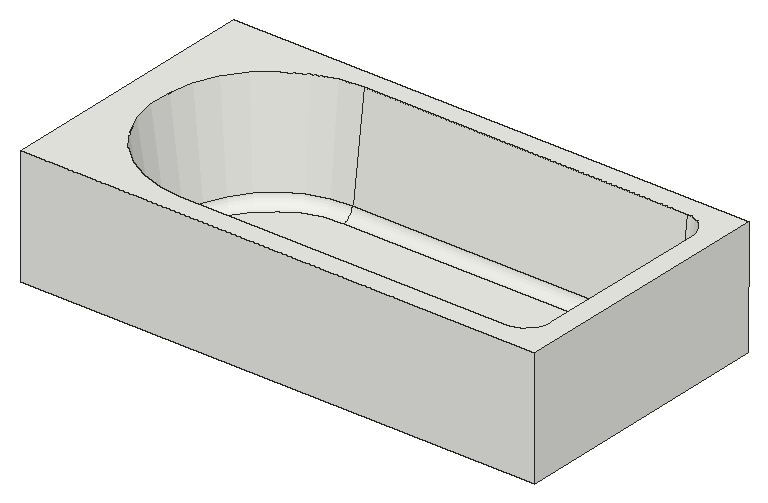
Revit family "FXP_A3-Bath-(1)", category Plumbing Fixtures, Revit 2016
Family settings
  Part Type = Normal
  Round Connector Dimension = Use Diameter
  Work Plane-Based = No
  Always vertical = Yes
  Cut with Voids When Loaded = No
  Shared = No
  Room Calculation Point = No
Parameters (values of type "Bath 1575 x 815mm")
  Width = 815 mm
  Material Bath = Porcelain
  Manufacturer = "Revit"
  Length = 1575 mm
  Keynote = "N13/220"
  Assembly Code = "D2010510"
Types (4, lengths in mm): name | Width | Length
  (no name) | 815 | 1575
  Bath 1675 x 915 mm | 915 | 1675
  Bath 1475 x 755mm | 755 | 1475
  Bath 1575 x 815mm | 815 | 1575
Reference planes
  plane 1 "Center (Front/Back)": y = 0
  plane 2: z = 0
  plane 3 "Center (Left/Right)": x = 0
  plane 4: x = -787.5
  plane 5: x = 787.5
  plane 6: y = 407.5
  plane 7: y = -407.5
Forms (mm)
  Extrusion 1, solid, material "Porcelain"
    sketch origin (0, 0, -340) x (1, 0, 0) y (0, 1, 0)
      loop
        line (-787.5, 407.5) -> (-787.5, -407.5) -> (787.5, -407.5) -> (787.5, 407.5) -> (-787.5, 407.5)
      loop
        line (647.5, 347.5) -> (-340, 347.5)
        arc (-340, 347.5) -> (-687.5, 0) -> (-340, -347.5) r 347.5
        line (-340, -347.5) -> (647.5, -347.5)
        arc (647.5, -347.5) -> (704.069, -324.069) -> (727.5, -267.5) r 80
        line (727.5, -267.5) -> (727.5, 267.5)
        arc (727.5, 267.5) -> (704.069, 324.069) -> (647.5, 347.5) r 80
    from 340 to 700
  Extrusion 2, solid, material "Porcelain"
    sketch origin (0, 0, -340) x (1, 0, 0) y (0, 1, 0)
      loop
        line (-787.5, 407.5) -> (-787.5, -407.5) -> (787.5, -407.5) -> (787.5, 407.5) -> (-787.5, 407.5)
    from 340 to 360
  Sweep 3, solid, material "Porcelain"
    path origin (0, 0, 0) x (1, 0, 0) y (0, 1, 0)
      loop
        line (647.5, 347.5) -> (-340, 347.5)
        arc (-340, 347.5) -> (-687.5, 0) -> (-340, -347.5) r 347.5
        line (-340, -347.5) -> (647.5, -347.5)
        arc (647.5, -347.5) -> (704.069, -324.069) -> (727.5, -267.5) r 80
        line (727.5, -267.5) -> (727.5, 267.5)
        arc (727.5, 267.5) -> (704.069, 324.069) -> (647.5, 347.5) r 80
    profile origin (153.75, 0, 0) x (0, -1, 0) y (0, 0, 1)
      loop
        line (-347.5, 20) -> (-269.626, 20)
        arc (-269.626, 20) -> (-292.748, 30.453) -> (-304.356, 53.017) r 38.532
        line (-304.356, 53.017) -> (-347.5, 360) -> (-347.5, 20)
  Extrusion 4, void
    sketch origin (0, 0, 0) x (1, 0, 0) y (0, 1, 0)
      loop
        circle (551.834, 0) r 30
    from 0 to 100
Cuts and joins
  Extrusion 4 cuts Extrusion 1
  Extrusion 4 cuts Extrusion 2
  Extrusion 4 cuts Sweep 3
  joined: Extrusion 1, Extrusion 2, Sweep 3
Lines and regions (mm)
  symbolic lines
    curve 1: line (-787.5, 407.5, 0) -> (787.5, 407.5, 0)
    curve 2: line (-787.5, -407.5, 0) -> (-787.5, 407.5, 0)
    curve 3: line (787.5, -407.5, 0) -> (-787.5, -407.5, 0)
    curve 4: line (787.5, 407.5, 0) -> (787.5, -407.5, 0)
    curve 5: line (647.5, 347.5, 0) -> (-340, 347.5, 0)
    curve 6: line (647.5, -347.5, 0) -> (-340, -347.5, 0)
    curve 7: line (727.5, 267.5, 0) -> (727.5, -267.5, 0)
    curve 8: arc (532.322, 22.788, 0) -> (571.309, -22.819, 0) -> (532.394, 22.849, 0) r 30
    curve 9: arc (-340, 347.5, 0) -> (-687.5, 0, 0) -> (-340, -347.5, 0) r 347.5
    curve 10: arc (647.5, 347.5, 0) -> (704.069, 324.069, 0) -> (727.5, 267.5, 0) r 80
    curve 11: arc (727.5, -267.5, 0) -> (704.069, -324.069, 0) -> (647.5, -347.5, 0) r 80
  model lines
    curve 12: line (787.5, 407.5, 0) -> (-787.5, 407.5, 0)
Dimensions and locks
  equal spacing: plane 4, plane 3 "Center (Left/Right)", plane 5
  "Length": plane 4 to plane 5
  equal spacing: plane 7, plane 1 "Center (Front/Back)", plane 6
  "Width": plane 7 to plane 6
  locked: curve 5 to curve 1 at 60
  locked: curve 6 to curve 3 at 60
  locked: curve 2 to curve 9 at 100
  locked: cut or joined group of Extrusion 1, Extrusion 2, Sweep 3, Extrusion 4 to Extrusion 1 sketch curve at 100
  aligned and locked: Extrusion 2 to level
  aligned and locked: Extrusion 1 to level
  aligned and locked: plane 4 to Extrusion 1
  aligned and locked: Sweep 3 sketch curve to curve 9
  aligned and locked: Sweep 3 sketch curve to curve 11
  aligned and locked: Sweep 3 sketch curve to curve 10
  aligned and locked: Extrusion 4 sketch curve to curve 8
Automatic sketch dimensions
  Extrusion 1 sketch curve to plane 4 = 0 mm
  Extrusion 1 sketch curve to plane 5 = 0 mm
  Extrusion 1 sketch curve to plane 7 = 0 mm
  Extrusion 1 sketch curve to plane 6 = 0 mm
  Extrusion 2 sketch curve to plane 4 = 0 mm
  Extrusion 2 sketch curve to plane 5 = 0 mm
  Extrusion 2 sketch curve to plane 7 = 0 mm
  Extrusion 2 sketch curve to plane 6 = 0 mm
  curve 3 to plane 4 = 0 mm
  curve 9 to plane 1 "Center (Front/Back)" = 0 mm
  curve 8 to plane 1 "Center (Front/Back)" = 0 mm
  curve 1 to plane 5 = 0 mm
  curve 4 to plane 7 = 0 mm
  curve 8 to plane 5 = 235.666 mm
  curve 6 to plane 5 = 140 mm
  curve 5 to plane 5 = 140 mm
  curve 10 to plane 5 = 60 mm
  Extrusion 1 sketch curve to plane 1 "Center (Front/Back)" = 0 mm
  plane 6 to Extrusion 1 sketch curve = 60 mm
  Extrusion 1 sketch curve to plane 5 = 140 mm
  Extrusion 1 sketch curve to plane 5 = 60 mm
  Extrusion 1 sketch curve to Extrusion 1 sketch curve = 80 mm
  Sweep 3 sketch curve to profile plane = 0 mm
  Sweep 3 sketch curve to profile plane = 43.144 mm
  level to Sweep 3 sketch curve = 20 mm
  Sweep 3 sketch curve to Sweep 3 sketch curve = 34.731 mm
  Sweep 3 sketch curve to Sweep 3 sketch curve = 38.157 mm
  Sweep 3 sketch curve to Sweep 3 sketch curve = 33.017 mm
  Sweep 3 sketch curve to Sweep 3 sketch curve = 306.983 mm
  radius of curve 8 = 30 mm
